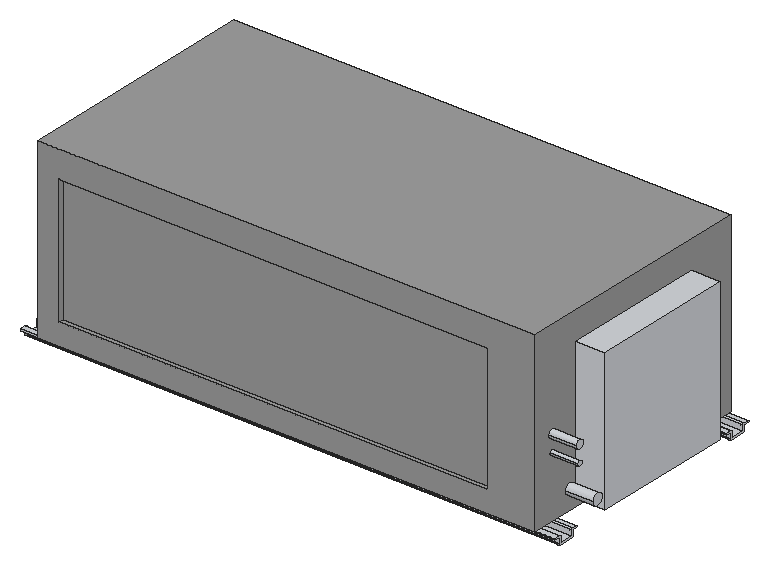
Revit family "Trane_TVR_Indoor_High static pressure_4TVA0136(154,192)EF000AA(2nd DC)", category Equipamento mecânico, Revit 2019
Family settings
  Cota do conector redondo = Utilizar diâmetro
  Tipo de parte = Normal
  Número OmniClass = 23.75.00.00
  Título OmniClass = Climate Control (HVAC)
  Com base no plano de trabalho = Não
  Sempre na vertical = Sim
  Corte com vazios quando carregada = Não
  Compartilhado = Não
  Ponto de cálculo do ambiente = Não
Parameters (values of type "4TVA0192EF000AA")
  clearance access right = 600.000 mm
  clearance access left = 600.000 mm
  clearance access front = 500.000 mm
  clearance access behind = 600.000 mm
  clearance [instance] = no
  Width = 2010.000 mm
  URL = "https://www.trane.com/commercial/latin-america/br/pt.html"
  Series = "ULTRA"
  Power supply = "220-240V ~50/60Hz"
  Net Weight = 218.00 kg
  Modelo = "4TVA0192EF000AA"
  Minimum Circuit Amps = 14.5 A
  Maximum Fuse Amps = 30 A
  Fabricante = "TRANE"
  Liquid pipe = 15.900 mm
  Installation = "Indoor installation"
  Height = 680.000 mm
  Heating Power Input = 2272.000 W
  Heating Capacity = 39.00 kW
  Gas pipe = 28.600 mm
  Gas = "R410a"
  Descrição = "High efficiency air cooled"
  Depth = 905.000 mm
  Cooling Power Input = 2272.000 W
  Cooling Capacity = 56.00 kW
  Condensation = "air"
  Compressor = ""
  Air  Flow = "7400/7000/6600/6200/5800/5400/5000 m3/h"
Types (4, lengths in mm): name | Net Weight | Modelo | Heating Power Input | Heating Capacity | Cooling Power Input | Cooling Capacity | Air  Flow
  (no name) | 218.00 kg | "4TVA0192EF000AA" | 2272.000 W | 39.00 kW | 2272.000 W | 56.00 kW | "7400/7000/6600/6200/5800/5400/5000 m3/h"
  4TVA0192EF000AA | 218.00 kg | "4TVA0192EF000AA" | 2272.000 W | 39.00 kW | 2272.000 W | 56.00 kW | "7400/7000/6600/6200/5800/5400/5000 m3/h"
  4TVA0136EF000AA | 220.00 kg | "4TVA0136EF000AA" | 1800.000 W | 45.00 kW | 1800.000 W | 40.00 kW | "6500/6150/5800/5450/5100/4750/4400 m3/h"
  4TVA0154EF000AA | 220.00 kg | "4TVA0154EF000AA" | 1800.000 W | 56.00 kW | 1800.000 W | 45.00 kW | "6500/6150/5800/5450/5100/4750/4400 m3/h"
Reference planes
  plane 1 "Center (Front/Back)": y = 0
  plane 2: z = 0
  plane 3 "Center (Left/Right)": x = 0
  plane 4: x = 1025
  plane 5: y = -452.5
  plane 6: y = 452.5
  plane 7: x = 1025
  plane 8: x = -985
Forms (mm)
  Extrusion 1, solid, material "Default"
    sketch origin (0, 0, 0) x (1, 0, 0) y (0, 1, 0)
      loop
        line (-915, 452.5) -> (-915, -452.5) -> (915, -452.5) -> (915, 452.5) -> (-915, 452.5)
    from 30 to 680
  Extrusion 2, void
    sketch origin (0, 0, 0) x (1, 0, 0) y (0, 0, 1)
      loop
        line (-835, 580) -> (-835, 110) -> (745, 110) -> (745, 580) -> (-835, 580)
    from 434.5 to 464.5
  Extrusion 3, void
    sketch origin (0, 0, -20) x (1, 0, 0) y (0, 0, 1)
      loop
        line (-300, 580) -> (-600, 580) -> (-600, 280) -> (-300, 280) -> (-300, 580)
      loop
        line (600, 580) -> (300, 580) -> (300, 280) -> (600, 280) -> (600, 580)
    from -464.5 to -140.853
  Extrusion 4, solid
    sketch origin (500, 500, 0) x (0, -1, 0) y (0, 0, -1)
      loop
        circle (197.032, -436.201) r 130
    from -180 to 80
  Extrusion 5, solid
    sketch origin (-380, 500, 0) x (0, -1, 0) y (0, 0, -1)
      loop
        circle (197.032, -436.201) r 130
    from -200 to 60
  Extrusion 6, solid
    sketch origin (0, 0, 0) x (0, 1, 0) y (0, 0, 1)
      loop
        line (-265, 580) -> (-265, 60) -> (265, 60) -> (265, 580) -> (-265, 580)
    from 915 to 1025
  Extrusion 7, solid
    sketch origin (0, 0, 0) x (0, 1, 0) y (0, 0, 1)
      loop
        circle (-292.517, 105.719) r 20
    from 915 to 1020
  Extrusion 8, solid
    sketch origin (0, 0, 0) x (0, 1, 0) y (0, 0, 1)
      loop
        circle (-374.345, 260.518) r 7.95
    from 915 to 1020
  Extrusion 9, solid
    sketch origin (0, 0, 0) x (0, 1, 0) y (0, 0, 1)
      loop
        circle (-374.825, 323.782) r 14.3
    from 915 to 1020
Cuts and joins
  Extrusion 2, Extrusion 3 cuts Extrusion 1
Dimensions and locks
  aligned and locked: level to plane 2
Nested families
  nested 1: "pingban2-HXL" at (0, 394.5, 0), type "pingban2-HXL"
    with Width 1930.000 mm, Height 30.000 mm, Depth 50.000 mm
  nested 2: "pingban2-HXL" at (0, -394.5, 0), type "pingban2-HXL"
    with Width 1930.000 mm, Height 30.000 mm, Depth 50.000 mm
Connectors
  hvac at (-45, -452.5, 345)
    settings: on cut or joined group of Extrusion 1, Extrusion 2, Extrusion 3, index 1, duct flow 0.00 m³/h, flow factor 0, pres drop 0.00 in-wg, loss coef 0, conn angle 0.00°, conn width 62.20472", conn height 18.50394", conn diameter 24", duct sys type 1, conn prof type 1, flow config 0, flow direction 0, loss method 0, conn ref index -1, conn util no, is conn primary yes, conn desc ""
  piping at (1020, -374.345, 260.518), diameter 15.9
    settings: on Extrusion 8, index 2, connector inside diameter 0.62598", connector length 0.000 mm, flow factor 0, pipe flow 0 GPM, pressure drop 0.00 psi, fitting loss kfactor 0, connector angle 0.00°, fixture units 0, engagement length 0.000 mm, angle of deflection 0.00°, flow configuration 0, flow direction 0, fitting loss method 0, system type 29, joint type 0, gender type 0, connector reference index -1, connector utility 0, adjustable connector no, is connector primary yes, connector description "Liquid pipe"
  piping at (1020, -374.825, 323.782), diameter 28.6
    settings: on Extrusion 9, index 3, connector inside diameter 1.12598", connector length 0.000 mm, flow factor 0, pipe flow 0 GPM, pressure drop 0.00 psi, fitting loss kfactor 0, connector angle 0.00°, fixture units 0, engagement length 0.000 mm, angle of deflection 0.00°, flow configuration 0, flow direction 0, fitting loss method 0, system type 29, joint type 0, gender type 0, connector reference index -1, connector utility 0, adjustable connector no, is connector primary no, connector description "Gas pipe"
  electrical at (1025, 0, 320)
    settings: on Extrusion 6, index 4, voltage 220 V, apparent load 0 VA, apparent load phase1 0 VA, apparent load phase2 0 VA, apparent load phase3 0 VA, power factor 1, load classification "Other", number of poles 1, system type 30, power factor state 1, is connector primary yes, connector utility no, sub classification motor no, connector description ""
  hvac at (0, 452.5, 355)
    settings: on cut or joined group of Extrusion 1, Extrusion 2, Extrusion 3, index 5, duct flow 0.00 m³/h, flow factor 0, pres drop 0.00 in-wg, loss coef 0, conn angle 0.00°, conn width 62.20472", conn height 18.50394", conn diameter 24", duct sys type 1, conn prof type 1, flow config 0, flow direction 0, loss method 0, conn ref index -1, conn util no, is conn primary no, conn desc ""
Definition of nested family "pingban2-HXL"
  Parameters
    Width [instance] = 1930.000 mm
    Series = ""
    Machine material = none
    Installation = ""
    Height [instance] = 30.000 mm
    Gas = ""
    Depth [instance] = 50.000 mm
    Condensation = ""
  Reference planes
    plane 1 "Center (Front/Back)": y = 0
    plane 2: z = 0
    plane 3 "Center (Left/Right)": x = 0
    plane 4: z = 160
    plane 5: x = 1930
    plane 6: y = 50
    plane 7: y = -50
    plane 8: z = 30
    plane 9: y = -25
    plane 10: y = 25
    plane 11: x = -985
    plane 12: x = 985
  Forms (mm)
    Extrusion 1, solid
      sketch origin (0, 0, 0) x (0, 1, 0) y (0, 0, 1)
        loop
          line (-50, 30) -> (-50, 25) -> (-30, 25) -> (-30, 5)
          arc (-30, 5) -> (-28.536, 1.464) -> (-25, 0) r 5
          line (-25, 0) -> (25, 0)
          arc (25, 0) -> (28.536, 1.464) -> (30, 5) r 5
          line (30, 5) -> (30, 25) -> (50, 25) -> (50, 30) -> (30, 30)
          arc (30, 30) -> (26.464, 28.536) -> (25, 25) r 5
          line (25, 25) -> (25, 5) -> (-25, 5) -> (-25, 25)
          arc (-25, 25) -> (-26.464, 28.536) -> (-30, 30) r 5
          line (-30, 30) -> (-50, 30)
      from -985 to 985
  Dimensions and locks
    aligned and locked: level to plane 2
